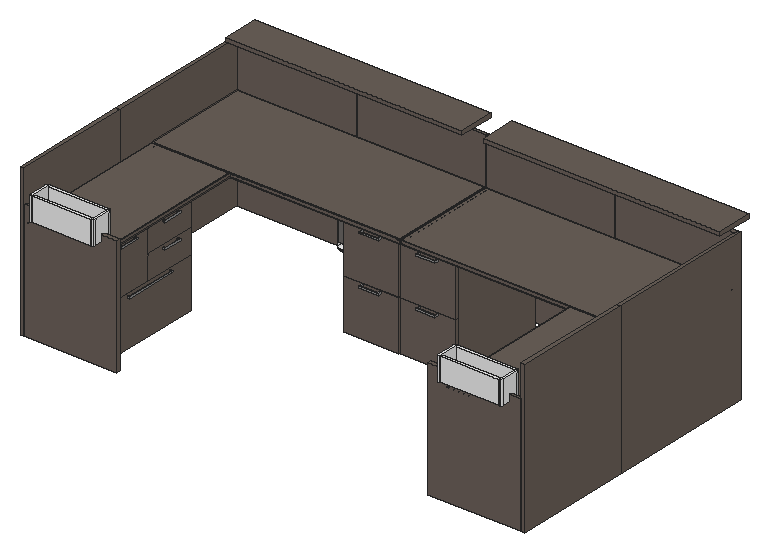
Revit family "OFS TYPICAL T200033", category Furniture, Revit 2022
Family settings
  OmniClass Number = 23.40.20.00
  OmniClass Title = General Furniture and Specialties
  Work Plane-Based = No
  Always vertical = Yes
  Cut with Voids When Loaded = No
  Render Appearance Source = Family Geometry
  Shared = No
  Room Calculation Point = No
Parameters (values of type "T200033")
  URL = "http://ofs.com/"
  Model = "T200033"
  Manufacturer = "OFS"
  Description = "OFS TYPICAL T200033"
  Default Elevation = 0' - 0"
  Copyright © = "©OFS 2024"
  Catalog = ""
  Authoring Version = "Autodesk Revit 2018"
  Assembly Code = "E2020200"
Reference planes (in)
  plane 1 "Center Front/Back": y = 0
  plane 2: z = 0
  plane 3 "Center Left/Right": x = 0
Dimensions and locks (in)
  aligned and locked: level to plane 2
Nested families (in)
  nested 1: "STAKS RECTANGULAR WORKSURFACES Short Grain" at (-71.33365, -82.05498, 0) x (0, 1, 0) z (0, 0, 1), type "STAKS RECTANGULAR WORKSURFACE 22 x 43.5"
    with Height Above Floor 2' - 5", Width 3' - 7 1/2"
  nested 2: "STAKS RECTANGULAR WORKSURFACES Long Grain" at (-77.05498, 0.83365, 0), type "STAKS RECTANGULAR WORKSURFACE 69.5 x 30"
    with Height Above Floor 2' - 5", Depth 2' - 6", Width 5' - 9 1/2"
  nested 3: "STAKS SPINE OR DIVIDER WALL 33in" at (-35.94502, -77.33365, 0) x (-1, 0, 0) z (0, 0, 1), type "STAKS SPINE OR DIVIDER WALL 33in X 26in"
    with Height Above Floor 2' - 9"
  nested 4: "STAKS SPINE OR DIVIDER WALL 42in" at (-77.05498, 1.83365, 0), type "STAKS SPINE OR DIVIDER WALL 42in X 33.5"
    with Height Above Floor 3' - 6", Width 2' - 9 1/2"
  nested 5: "STAKS SPINE OR DIVIDER WALL 42in" at (-43.55498, 1.83365, 0), type "STAKS SPINE OR DIVIDER WALL 42in X 36in"
    with Height Above Floor 3' - 6"
  nested 6: "STAKS SPINE OR DIVIDER WALL 42in" at (-72.33365, -49.55498, 0) x (0, 1, 0) z (0, 0, 1), type "STAKS SPINE OR DIVIDER WALL 42in X 42in"
    with Height Above Floor 3' - 6"
  nested 7: "OFS STAKS Planters - 6-PB12 6-PB18 6-PB24" at (-57, -74.98438, -9.125), type "Planter 18"
    with Finsih OFS Materials - Laminate - White Matte
  nested 8: "STAKS TRANSACTION SHELF" at (-19.5, 1.56215, -4.625), type "STAKS TRANSACTION SHELF 66in"
  nested 9: "STAKS WORKSURFACE HEIGHT MULTI FILE PEDESTAL - NO RISER SUPPORT" at (-46.99965, -80.47711, 0) x (0, 1, 0) z (0, 0, 1), type "STAKS WORKSURFACE HEIGHT MULTI FILE PEDESTAL 30 x 19 Left"
  nested 10: "STAKS WORKSURFACE HEIGHT PEDESTAL - FILE-FILE - NO RISER SUPPORT" at (-28.91461, -23.62535, 0), type "STAKS WORKSURFACE HEIGHT PEDESTAL - FILE-FILE - NO RISER SUPPORT 27in D"
  nested 11: "STAKS BENCHING CANTILEVER WORKSURFACE BRACKET - MINI CONCEALED" at (-8.75, -3.87535, 0), type "STAKS CANTILEVER WORKSURFACE BRACKET - MINI CONCEALED"
  nested 12: "STAKS RECTANGULAR WORKSURFACES Long Grain" at (77.05498, 0.83365, 0) x (-1, 0, 0) z (0, 0, 1), type "STAKS RECTANGULAR WORKSURFACE 69.5 x 30"
    with Height Above Floor 2' - 5", Depth 2' - 6", Width 5' - 9 1/2"
  nested 13: "STAKS SPINE OR DIVIDER WALL 42in" at (77.05498, 1.83365, 0) x (-1, 0, 0) z (0, 0, 1), type "STAKS SPINE OR DIVIDER WALL 42in X 33.5"
    with Height Above Floor 3' - 6", Width 2' - 9 1/2"
  nested 14: "STAKS SPINE OR DIVIDER WALL 42in" at (43.55498, 1.83365, 0) x (-1, 0, 0) z (0, 0, 1), type "STAKS SPINE OR DIVIDER WALL 42in X 36in"
    with Height Above Floor 3' - 6"
  nested 15: "STAKS RECTANGULAR WORKSURFACES Short Grain" at (71.33365, -82.05498, 0) x (0, 1, 0) z (0, 0, 1), type "STAKS RECTANGULAR WORKSURFACE 22 x 43.5"
    with Height Above Floor 2' - 5", Width 3' - 7 1/2"
  nested 16: "STAKS SPINE OR DIVIDER WALL 42in" at (-72.33365, -83.05498, 0) x (0, 1, 0) z (0, 0, 1), type "STAKS SPINE OR DIVIDER WALL 42in X 33.5"
    with Height Above Floor 3' - 6", Width 2' - 9 1/2"
  nested 17: "STAKS SPINE OR DIVIDER WALL 33in" at (35.94502, -77.33365, 0), type "STAKS SPINE OR DIVIDER WALL 33in X 26in"
    with Height Above Floor 2' - 9"
  nested 18: "STAKS SPINE OR DIVIDER WALL 42in" at (72.33365, -49.55498, 0) x (0, 1, 0) z (0, 0, 1), type "STAKS SPINE OR DIVIDER WALL 42in X 42in"
    with Height Above Floor 3' - 6"
  nested 19: "STAKS SPINE OR DIVIDER WALL 42in" at (72.33365, -83.05498, 0) x (0, 1, 0) z (0, 0, 1), type "STAKS SPINE OR DIVIDER WALL 42in X 33.5"
    with Height Above Floor 3' - 6", Width 2' - 9 1/2"
  nested 20: "STAKS WORKSURFACE HEIGHT MULTI FILE PEDESTAL - NO RISER SUPPORT" at (46.99965, -80.47711, 0) x (0, 1, 0) z (0, 0, 1), type "STAKS WORKSURFACE HEIGHT MULTI FILE PEDESTAL 30 x 19 Left"
  nested 21: "STAKS WORKSURFACE HEIGHT PEDESTAL - FILE-FILE - NO RISER SUPPORT" at (28.91461, -23.62535, 0) x (-1, 0, 0) z (0, 0, 1), type "STAKS WORKSURFACE HEIGHT PEDESTAL - FILE-FILE - NO RISER SUPPORT 27in D"
  nested 22: "OFS STAKS Planters - 6-PB12 6-PB18 6-PB24" at (57, -74.98438, -9.125) x (-1, 0, 0) z (0, 0, 1), type "Planter 18"
    with Finsih OFS Materials - Laminate - White Matte
  nested 23: "OFS ELEVEN WOOD WIRE MANAGER VERTICALS" at (-38.07141, -2.20061, 0), type "Wire Manager Vertical for Medium Duty"
  nested 24: "STAKS ELECTRICAL POWER BLOCK FOR RECEPTACLE DOUBLE HALF Four Circuit" at (-46.35574, -21.00035, 1.25), type "POWER BLOCK FOR RECEPTACLE DOUBLE HALF Four Circuit"
  nested 25: "STAKS BENCHING CANTILEVER WORKSURFACE BRACKET - OPEN" at (-66.62465, -20.75, 0) x (0, 1, 0) z (0, 0, 1), type "CANTILEVER WORKSURFACE BRACKET - OPEN 22in"
  nested 26: "STAKS BENCHING CANTILEVER WORKSURFACE BRACKET - OPEN" at (-41.75, -3.87535, 0), type "CANTILEVER WORKSURFACE BRACKET - OPEN 30in"
  nested 27: "STAKS BENCHING PRESS FIT BRACKET" at (-56.37465, 16, 15) x (0, 1, 0) z (0, 0, 1), type "STAKS BENCHING PRESS FIT BRACKET"
  nested 28: "STAKS BENCHING CANTILEVER WORKSURFACE BRACKET - OPEN" at (66.62465, -20.75, 0) x (0, 1, 0) z (0, 0, 1), type "CANTILEVER WORKSURFACE BRACKET - OPEN 22in"
  nested 29: "STAKS BENCHING CANTILEVER WORKSURFACE BRACKET - MINI CONCEALED" at (8.75, -3.87535, 0) x (-1, 0, 0) z (0, 0, 1), type "STAKS CANTILEVER WORKSURFACE BRACKET - MINI CONCEALED"
  nested 30: "OFS ELEVEN WOOD WIRE MANAGER VERTICALS" at (38.07141, -2.20061, 0) x (-1, 0, 0) z (0, 0, 1), type "Wire Manager Vertical for Medium Duty"
  nested 31: "STAKS BENCHING CANTILEVER WORKSURFACE BRACKET - OPEN" at (41.75, -3.87535, 0) x (-1, 0, 0) z (0, 0, 1), type "CANTILEVER WORKSURFACE BRACKET - OPEN 30in"
  nested 32: "STAKS BENCHING PRESS FIT BRACKET" at (-34.12465, 16, 15) x (0, 1, 0) z (0, 0, 1), type "STAKS BENCHING PRESS FIT BRACKET"
  nested 33: "STAKS BENCHING PRESS FIT BRACKET" at (-10.37465, 16, 15) x (0, 1, 0) z (0, 0, 1), type "STAKS BENCHING PRESS FIT BRACKET"
  nested 34: "STAKS TRANSACTION SHELF" at (19.5, 1.56215, -4.625) x (-1, 0, 0) z (0, 0, 1), type "STAKS TRANSACTION SHELF 66in"
  nested 35: "STAKS BENCHING PRESS FIT BRACKET" at (56.37465, 16, 15) x (0, 1, 0) z (0, 0, 1), type "STAKS BENCHING PRESS FIT BRACKET"
  nested 36: "STAKS BENCHING PRESS FIT BRACKET" at (34.12465, 16, 15) x (0, 1, 0) z (0, 0, 1), type "STAKS BENCHING PRESS FIT BRACKET"
  nested 37: "STAKS BENCHING PRESS FIT BRACKET" at (10.37465, 16, 15) x (0, 1, 0) z (0, 0, 1), type "STAKS BENCHING PRESS FIT BRACKET"
  nested 38: "STAKS ELECTRICAL POWER BLOCK FOR RECEPTACLE DOUBLE HALF Four Circuit" at (46.35574, -21.00035, 1.25) x (-1, 0, 0) z (0, 0, 1), type "POWER BLOCK FOR RECEPTACLE DOUBLE HALF Four Circuit"
Definition of nested family "STAKS RECTANGULAR WORKSURFACES Short Grain"
  Parameters (values of type "STAKS RECTANGULAR WORKSURFACE 22 x 15.625")
    URL = "http://www.ofs.com/"
    Height Above Floor [instance] = 2' - 5"
    Height = 0' - 1 1/8"
    Depth = 1' - 10"
    Model = "6-MCT-22/15.625"
    Manufacturer = "OFS"  # constant formula
    Description = "OFS STAKS 22 X 15.625 RECTANGULAR WORKSURFACE For Worksurface or Low Height Applications, Short Grain"
    Width = 1' - 3 5/8"
    Default Elevation = 0' - 0"
    Copyright © = "© 2018 OFS"  # constant formula
    Catalog = "https://ofs.com/products/casegoods/private-office/staks"  # constant formula
    Authoring Version = "Autodesk Revit Architecture 2013"
    Assembly Code = "E2020200"
  Types (24): name | Model | Description | Width
    STAKS RECTANGULAR WORKSURFACE 22 x 15.625 | "6-MCT-22/15.625" | "OFS STAKS 22 X 15.625 RECTANGULAR WORKSURFACE For Worksurface or Low Height Applications, Short Grain" | 1' - 3 5/8"
    STAKS RECTANGULAR WORKSURFACE 22 x 34 | "6-MCT-22/34" | "OFS STAKS 22 X 34 RECTANGULAR WORKSURFACE For Worksurface or Low Height Applications, Short Grain" | 2' - 10"
    STAKS RECTANGULAR WORKSURFACE 22 x 36 | "6-MCT-22/36" | "OFS STAKS 22 X 36 RECTANGULAR WORKSURFACE For Worksurface or Low Height Applications, Short Grain" | 3' - 0"
    STAKS RECTANGULAR WORKSURFACE 22 x 42 | "6-MCT-22/42" | "OFS STAKS 22 X 42 RECTANGULAR WORKSURFACE For Worksurface or Low Height Applications, Short Grain" | 3' - 6"
    STAKS RECTANGULAR WORKSURFACE 22 x 46 | "6-MCT-22/46" | "OFS STAKS 22 X 46 RECTANGULAR WORKSURFACE For Worksurface or Low Height Applications, Short Grain" | 3' - 10"
    STAKS RECTANGULAR WORKSURFACE 22 x 48 | "6-MCT-22/48" | "OFS STAKS 22 X 48 RECTANGULAR WORKSURFACE For Worksurface or Low Height Applications, Short Grain" | 4' - 0"
    STAKS RECTANGULAR WORKSURFACE 22 x 48.5 | "6-MCT-22/48.5" | "OFS STAKS 22 X 48.5 RECTANGULAR WORKSURFACE For Worksurface or Low Height Applications, Short Grain" | 4' - 0 1/2"
    STAKS RECTANGULAR WORKSURFACE 22 x 54 | "6-MCT-22/54" | "OFS STAKS 22 X 54 RECTANGULAR WORKSURFACE For Worksurface or Low Height Applications, Short Grain" | 4' - 6"
    STAKS RECTANGULAR WORKSURFACE 22 x 55.5 | "6-MCT-22/55.5" | "OFS STAKS 22 X 55.5 RECTANGULAR WORKSURFACE For Worksurface or Low Height Applications, Short Grain" | 4' - 7 1/2"
    STAKS RECTANGULAR WORKSURFACE 22 x 59 | "6-MCT-22/59" | "OFS STAKS 22 X 59 RECTANGULAR WORKSURFACE For Worksurface or Low Height Applications, Short Grain" | 4' - 11"
    STAKS RECTANGULAR WORKSURFACE 22 x 60 | "6-MCT-22/60" | "OFS STAKS 22 X 60 RECTANGULAR WORKSURFACE For Worksurface or Low Height Applications, Short Grain" | 5' - 0"
    STAKS RECTANGULAR WORKSURFACE 22 x 64 | "6-MCT-22/64" | "OFS STAKS 22 X 64 RECTANGULAR WORKSURFACE For Worksurface or Low Height Applications, Short Grain" | 5' - 4"
    STAKS RECTANGULAR WORKSURFACE 22 x 66 | "6-MCT-22/66" | "OFS STAKS 22 X 66 RECTANGULAR WORKSURFACE For Worksurface or Low Height Applications, Short Grain" | 5' - 6"
    STAKS RECTANGULAR WORKSURFACE 22 x 69.625 | "6-MCT-22/69.625" | "OFS STAKS 22 X 69.625 RECTANGULAR WORKSURFACE For Worksurface or Low Height Applications, Short Grain" | 5' - 9 5/8"
    STAKS RECTANGULAR WORKSURFACE 22 x 70.5 | "6-MCT-22/70.5" | "OFS STAKS 22 X 70.5 RECTANGULAR WORKSURFACE For Worksurface or Low Height Applications, Short Grain" | 5' - 10 1/2"
    STAKS RECTANGULAR WORKSURFACE 22 x 72 | "6-MCT-22/72" | "OFS STAKS 22 X 72 RECTANGULAR WORKSURFACE For Worksurface or Low Height Applications, Short Grain" | 6' - 0"
    STAKS RECTANGULAR WORKSURFACE 22 x 74 | "6-MCT-22/74" | "OFS STAKS 22 X 74 RECTANGULAR WORKSURFACE For Worksurface or Low Height Applications, Short Grain" | 6' - 2"
    STAKS RECTANGULAR WORKSURFACE 22 x 78 | "6-MCT-22/78" | "OFS STAKS 22 X 78 RECTANGULAR WORKSURFACE For Worksurface or Low Height Applications, Short Grain" | 6' - 6"
    STAKS RECTANGULAR WORKSURFACE 22 x 82.5 | "6-MCT-22/82.5" | "OFS STAKS 22 X 82.5 RECTANGULAR WORKSURFACE For Worksurface or Low Height Applications, Short Grain" | 6' - 10 1/2"
    STAKS RECTANGULAR WORKSURFACE 22 x 84 | "6-MCT-22/84" | "OFS STAKS 22 X 84 RECTANGULAR WORKSURFACE For Worksurface or Low Height Applications, Short Grain" | 7' - 0"
    STAKS RECTANGULAR WORKSURFACE 22 x 87.625 | "6-MCT-22/87.625" | "OFS STAKS 22 X 87.625 RECTANGULAR WORKSURFACE For Worksurface or Low Height Applications, Short Grain" | 7' - 3 5/8"
    STAKS RECTANGULAR WORKSURFACE 22 x 90 | "6-MCT-22/90" | "OFS STAKS 22 X 90 RECTANGULAR WORKSURFACE For Worksurface or Low Height Applications, Short Grain" | 7' - 6"
    STAKS RECTANGULAR WORKSURFACE 22 x 94 | "6-MCT-22/94" | "OFS STAKS 22 X 94 RECTANGULAR WORKSURFACE For Worksurface or Low Height Applications, Short Grain" | 7' - 10"
    STAKS RECTANGULAR WORKSURFACE 22 x 96 | "6-MCT-22/96" | "OFS STAKS 22 X 96 RECTANGULAR WORKSURFACE For Worksurface or Low Height Applications, Short Grain" | 8' - 0"
  Reference planes (in)
    plane 1: z = -0.125
    plane 2 "LEFT": x = 7.55498
    plane 3 "RIGHT": x = 23.17998
    plane 4 "BACK": y = -1.83365
    plane 5 "FRONT": y = -23.83365
    plane 6: x = 7.67998
    plane 7: x = 23.05498
    plane 8: y = -1.95865
    plane 9: y = -23.70865
    plane 10: z = 27.75
    plane 11 "SURFACE TOP": z = 28.875
  Forms (in)
    Extrusion 1, solid
      sketch origin (0, 0, 17.125) x (-1, 0, 0) y (0, -1, 0)
        loop
          line (-7.67998, 1.95865) -> (-7.67998, 23.70865) -> (-23.05498, 23.70865) -> (-23.05498, 1.95865) -> (-7.67998, 1.95865)
      from 11.75 to 10.625
    Sweep 2, solid
      path origin (0, 0, 28.875) x (0, 1, 0) y (-1, 0, 0)
        loop
          line (-23.83365, -7.55498) -> (-23.83365, -23.17998) -> (-1.83365, -23.17998) -> (-1.83365, -7.55498) -> (-23.83365, -7.55498)
      profile origin (15.36748, -23.83365, 28.875) x (0, 1, 0) y (0, 0, 1)
        loop
          arc (0.125, 0) -> (0.03661, -0.03661) -> (0, -0.125) r 0.125
          line (0, -0.125) -> (0, -1)
          arc (0, -1) -> (0.03661, -1.08839) -> (0.125, -1.125) r 0.125
          line (0.125, -1.125) -> (0.125, 0)
  Lines and regions (in)
    Masking region 1
      outline origin (0, 0, 16.625) x (-1, 0, 0) y (0, -1, 0)
        loop
          line (-7.67998, 1.95865) -> (-7.55498, 1.83365) -> (-7.55498, 23.83365) -> (-7.67998, 23.70865) -> (-7.67998, 1.95865)
    Masking region 2
      outline origin (0, 0, 16.625) x (-1, 0, 0) y (0, -1, 0)
        loop
          line (-7.55498, 1.83365) -> (-7.67998, 1.95865) -> (-23.05498, 1.95865) -> (-23.17998, 1.83365) -> (-7.55498, 1.83365)
    Masking region 3
      outline origin (0, 0, 16.625) x (-1, 0, 0) y (0, -1, 0)
        loop
          line (-23.17998, 1.83365) -> (-23.05498, 1.95865) -> (-23.05498, 23.70865) -> (-23.17998, 23.83365) -> (-23.17998, 1.83365)
    Masking region 4
      outline origin (0, 0, 16.625) x (-1, 0, 0) y (0, -1, 0)
        loop
          line (-23.17998, 23.83365) -> (-23.05498, 23.70865) -> (-7.67998, 23.70865) -> (-7.55498, 23.83365) -> (-23.17998, 23.83365)
    Masking region 5
      outline origin (0, 0, 16.625) x (-1, 0, 0) y (0, -1, 0)
        loop
          line (-23.05498, 23.70865) -> (-23.05498, 1.95865) -> (-7.67998, 1.95865) -> (-7.67998, 23.70865) -> (-23.05498, 23.70865)
  Dimensions and locks (in)
    "Depth": plane 4 "BACK" to plane 5 "FRONT"
    "Width": plane 2 "LEFT" to plane 3 "RIGHT"
    "Height": plane 11 "SURFACE TOP" to plane 10
    locked: plane 4 "BACK" to plane 8 at 0.125
    locked: plane 2 "LEFT" to plane 6 at 0.125
    locked: plane 7 to plane 3 "RIGHT" at 0.125
    locked: plane 9 to plane 5 "FRONT" at 0.125
    "Height Above Floor": plane 11 "SURFACE TOP" to level
    aligned: level to plane 1
    aligned and locked: plane 8 to Extrusion 1 sketch curve
    aligned and locked: Extrusion 1 sketch curve to plane 6
    aligned and locked: Extrusion 1 sketch curve to plane 9
    aligned and locked: plane 7 to Extrusion 1 sketch curve
    aligned and locked: plane 11 "SURFACE TOP" to Extrusion 1
    aligned and locked: Extrusion 1 to plane 10
    aligned and locked: Sweep 2 sketch curve to plane 5 "FRONT"
    aligned and locked: Sweep 2 sketch curve to plane 2 "LEFT"
    aligned and locked: plane 4 "BACK" to Sweep 2 sketch curve
    aligned and locked: plane 3 "RIGHT" to Sweep 2 sketch curve
  Automatic sketch dimensions
    Masking region 1 sketch curve to plane 6 = 0' - 0"
    Masking region 1 sketch curve to plane 2 "LEFT" = 0' - 0"
    Masking region 1 sketch curve to plane 4 "BACK" = 0' - 0"
    Masking region 1 sketch curve to plane 8 = 0' - 0"
    Masking region 1 sketch curve to plane 9 = 0' - 0"
    Masking region 1 sketch curve to plane 5 "FRONT" = 0' - 0"
    Masking region 2 sketch curve to plane 3 "RIGHT" = 0' - 0"
    Masking region 2 sketch curve to plane 7 = 0' - 0"
    Masking region 2 sketch curve to plane 6 = 0' - 0"
    Masking region 2 sketch curve to plane 2 "LEFT" = 0' - 0"
    Masking region 2 sketch curve to plane 4 "BACK" = 0' - 0"
    Masking region 2 sketch curve to plane 8 = 0' - 0"
    Masking region 3 sketch curve to plane 3 "RIGHT" = 0' - 0"
    Masking region 3 sketch curve to plane 7 = 0' - 0"
    Masking region 3 sketch curve to plane 4 "BACK" = 0' - 0"
    Masking region 3 sketch curve to plane 8 = 0' - 0"
    Masking region 3 sketch curve to plane 9 = 0' - 0"
    Masking region 3 sketch curve to plane 5 "FRONT" = 0' - 0"
    Masking region 4 sketch curve to plane 3 "RIGHT" = 0' - 0"
    Masking region 4 sketch curve to plane 7 = 0' - 0"
    Masking region 4 sketch curve to plane 6 = 0' - 0"
    Masking region 4 sketch curve to plane 2 "LEFT" = 0' - 0"
    Masking region 4 sketch curve to plane 9 = 0' - 0"
    Masking region 4 sketch curve to plane 5 "FRONT" = 0' - 0"
    Masking region 5 sketch curve to plane 7 = 0' - 0"
    Masking region 5 sketch curve to plane 6 = 0' - 0"
    Masking region 5 sketch curve to plane 8 = 0' - 0"
    Masking region 5 sketch curve to plane 9 = 0' - 0"
    Sweep 2 sketch curve to profile plane = 0' - 0"
    Sweep 2 sketch curve to plane 11 "SURFACE TOP" = 0' - 0"
    Sweep 2 sketch curve to profile plane = 0' - 0 1/8"
    Sweep 2 sketch curve to Sweep 2 sketch curve = 0' - 0 7/8"
Definition of nested family "STAKS RECTANGULAR WORKSURFACES Long Grain"
  Parameters (values of type "STAKS RECTANGULAR WORKSURFACE 15.625 x 22")
    URL = "http://www.ofs.com/"
    Height Above Floor [instance] = 2' - 5"
    Height = 0' - 1 1/8"
    Depth = 1' - 10"
    Model = "6-MCT-15.625/22"
    Manufacturer = "OFS"
    Description = "OFS STAKS 15.625 X 22 RECTANGULAR WORKSURFACE For Worksurface or Low Height Applications, Long Grain"
    Width = 1' - 3 5/8"
    Default Elevation = 0' - 0"
    Copyright © = "© 2018 OFS"
    Catalog = "https://ofs.com/products/casegoods/private-office/staks"
    Authoring Version = "Autodesk Revit Architecture 2013"
    Assembly Code = "E2020200"
  Types (26): name | Model | Description | Width
    STAKS RECTANGULAR WORKSURFACE 15.625 x 22 | "6-MCT-15.625/22" | "OFS STAKS 15.625 X 22 RECTANGULAR WORKSURFACE For Worksurface or Low Height Applications, Long Grain" | 1' - 3 5/8"
    STAKS RECTANGULAR WORKSURFACE 24 x 22 | "6-MCT-24/22" | "OFS STAKS 24 X 22 RECTANGULAR WORKSURFACE For Worksurface or Low Height Applications, Long Grain" | 2' - 0"
    STAKS RECTANGULAR WORKSURFACE 30 x 22 | "6-MCT-30/22" | "OFS STAKS 30 X 22 RECTANGULAR WORKSURFACE For Worksurface or Low Height Applications, Long Grain" | 2' - 6"
    STAKS RECTANGULAR WORKSURFACE 34 x 22 | "6-MCT-34/22" | "OFS STAKS 34 X 22 RECTANGULAR WORKSURFACE For Worksurface or Low Height Applications, Long Grain" | 2' - 10"
    STAKS RECTANGULAR WORKSURFACE 36 x 22 | "6-MCT-36/22" | "OFS STAKS 36 X 22 RECTANGULAR WORKSURFACE For Worksurface or Low Height Applications, Long Grain" | 3' - 0"
    STAKS RECTANGULAR WORKSURFACE 42 x 22 | "6-MCT-42/22" | "OFS STAKS 42 X 22 RECTANGULAR WORKSURFACE For Worksurface or Low Height Applications, Long Grain" | 3' - 6"
    STAKS RECTANGULAR WORKSURFACE 46 x 22 | "6-MCT-46/22" | "OFS STAKS 46 X 22 RECTANGULAR WORKSURFACE For Worksurface or Low Height Applications, Long Grain" | 3' - 10"
    STAKS RECTANGULAR WORKSURFACE 48 x 22 | "6-MCT-48/22" | "OFS STAKS 48 X 22 RECTANGULAR WORKSURFACE For Worksurface or Low Height Applications, Long Grain" | 4' - 0"
    STAKS RECTANGULAR WORKSURFACE 48.5 x 22 | "6-MCT-48.5/22" | "OFS STAKS 48.5 X 22 RECTANGULAR WORKSURFACE For Worksurface or Low Height Applications, Long Grain" | 4' - 0 1/2"
    STAKS RECTANGULAR WORKSURFACE 54 x 22 | "6-MCT-54/22" | "OFS STAKS 54 X 22 RECTANGULAR WORKSURFACE For Worksurface or Low Height Applications, Long Grain" | 4' - 6"
    STAKS RECTANGULAR WORKSURFACE 55.5 x 22 | "6-MCT-55.5/22" | "OFS STAKS 55.5 X 22 RECTANGULAR WORKSURFACE For Worksurface or Low Height Applications, Long Grain" | 4' - 7 1/2"
    STAKS RECTANGULAR WORKSURFACE 59 x 22 | "6-MCT-59/22" | "OFS STAKS 59 X 22 RECTANGULAR WORKSURFACE For Worksurface or Low Height Applications, Long Grain" | 4' - 11"
    STAKS RECTANGULAR WORKSURFACE 60 x 22 | "6-MCT-60/22" | "OFS STAKS 60 X 22 RECTANGULAR WORKSURFACE For Worksurface or Low Height Applications, Long Grain" | 5' - 0"
    STAKS RECTANGULAR WORKSURFACE 64 x 22 | "6-MCT-64/22" | "OFS STAKS 64 X 22 RECTANGULAR WORKSURFACE For Worksurface or Low Height Applications, Long Grain" | 5' - 4"
    STAKS RECTANGULAR WORKSURFACE 66 x 22 | "6-MCT-66/22" | "OFS STAKS 66 X 22 RECTANGULAR WORKSURFACE For Worksurface or Low Height Applications, Long Grain" | 5' - 6"
    STAKS RECTANGULAR WORKSURFACE 69.625 x 22 | "6-MCT-69.625/22" | "OFS STAKS 69.625 X 22 RECTANGULAR WORKSURFACE For Worksurface or Low Height Applications, Long Grain" | 5' - 9 5/8"
    STAKS RECTANGULAR WORKSURFACE 70.5 x 22 | "6-MCT-70.5/22" | "OFS STAKS 70.5 X 22 RECTANGULAR WORKSURFACE For Worksurface or Low Height Applications, Long Grain" | 5' - 10 1/2"
    STAKS RECTANGULAR WORKSURFACE 72 x 22 | "6-MCT-72/22" | "OFS STAKS 72 X 22 RECTANGULAR WORKSURFACE For Worksurface or Low Height Applications, Long Grain" | 6' - 0"
    STAKS RECTANGULAR WORKSURFACE 74 x 22 | "6-MCT-74/22" | "OFS STAKS 74 X 22 RECTANGULAR WORKSURFACE For Worksurface or Low Height Applications, Long Grain" | 6' - 2"
    STAKS RECTANGULAR WORKSURFACE 78 x 22 | "6-MCT-78/22" | "OFS STAKS 78 X 22 RECTANGULAR WORKSURFACE For Worksurface or Low Height Applications, Long Grain" | 6' - 6"
    STAKS RECTANGULAR WORKSURFACE 82.5 x 22 | "6-MCT-82.5/22" | "OFS STAKS 82.5 X 22 RECTANGULAR WORKSURFACE For Worksurface or Low Height Applications, Long Grain" | 6' - 10 1/2"
    STAKS RECTANGULAR WORKSURFACE 84 x 22 | "6-MCT-84/22" | "OFS STAKS 84 X 22 RECTANGULAR WORKSURFACE For Worksurface or Low Height Applications, Long Grain" | 7' - 0"
    STAKS RECTANGULAR WORKSURFACE 87.625 x 22 | "6-MCT-87.625/22" | "OFS STAKS 87.625 X 22 RECTANGULAR WORKSURFACE For Worksurface or Low Height Applications, Long Grain" | 7' - 3 5/8"
    STAKS RECTANGULAR WORKSURFACE 90 x 22 | "6-MCT-90/22" | "OFS STAKS 90 X 22 RECTANGULAR WORKSURFACE For Worksurface or Low Height Applications, Long Grain" | 7' - 6"
    STAKS RECTANGULAR WORKSURFACE 94 x 22 | "6-MCT-94/22" | "OFS STAKS 94 X 22 RECTANGULAR WORKSURFACE For Worksurface or Low Height Applications, Long Grain" | 7' - 10"
    STAKS RECTANGULAR WORKSURFACE 96 x 22 | "6-MCT-96/22" | "OFS STAKS 96 X 22 RECTANGULAR WORKSURFACE For Worksurface or Low Height Applications, Long Grain" | 8' - 0"
  Reference planes (in)
    plane 1: z = -0.125
    plane 2 "LEFT": x = 7.55498
    plane 3 "RIGHT": x = 23.17998
    plane 4 "BACK": y = -1.83365
    plane 5 "FRONT": y = -23.83365
    plane 6: x = 7.67998
    plane 7: x = 23.05498
    plane 8: y = -1.95865
    plane 9: y = -23.70865
    plane 10: z = 27.75
    plane 11 "SURFACE TOP": z = 28.875
  Forms (in)
    Extrusion 1, solid
      sketch origin (0, 0, 17.125) x (-1, 0, 0) y (0, -1, 0)
        loop
          line (-7.67998, 1.95865) -> (-7.67998, 23.70865) -> (-23.05498, 23.70865) -> (-23.05498, 1.95865) -> (-7.67998, 1.95865)
      from 11.75 to 10.625
    Sweep 2, solid
      path origin (0, 0, 28.875) x (0, 1, 0) y (-1, 0, 0)
        loop
          line (-23.83365, -7.55498) -> (-23.83365, -23.17998) -> (-1.83365, -23.17998) -> (-1.83365, -7.55498) -> (-23.83365, -7.55498)
      profile origin (15.36748, -23.83365, 28.875) x (0, 1, 0) y (0, 0, 1)
        loop
          arc (0.125, 0) -> (0.03661, -0.03661) -> (0, -0.125) r 0.125
          line (0, -0.125) -> (0, -1)
          arc (0, -1) -> (0.03661, -1.08839) -> (0.125, -1.125) r 0.125
          line (0.125, -1.125) -> (0.125, 0)
  Lines and regions (in)
    Masking region 1
      outline origin (0, 0, 16.625) x (-1, 0, 0) y (0, -1, 0)
        loop
          line (-7.67998, 1.95865) -> (-7.55498, 1.83365) -> (-7.55498, 23.83365) -> (-7.67998, 23.70865) -> (-7.67998, 1.95865)
    Masking region 2
      outline origin (0, 0, 16.625) x (-1, 0, 0) y (0, -1, 0)
        loop
          line (-7.55498, 1.83365) -> (-7.67998, 1.95865) -> (-23.05498, 1.95865) -> (-23.17998, 1.83365) -> (-7.55498, 1.83365)
    Masking region 3
      outline origin (0, 0, 16.625) x (-1, 0, 0) y (0, -1, 0)
        loop
          line (-23.17998, 1.83365) -> (-23.05498, 1.95865) -> (-23.05498, 23.70865) -> (-23.17998, 23.83365) -> (-23.17998, 1.83365)
    Masking region 4
      outline origin (0, 0, 16.625) x (-1, 0, 0) y (0, -1, 0)
        loop
          line (-23.17998, 23.83365) -> (-23.05498, 23.70865) -> (-7.67998, 23.70865) -> (-7.55498, 23.83365) -> (-23.17998, 23.83365)
    Masking region 5
      outline origin (0, 0, 16.625) x (-1, 0, 0) y (0, -1, 0)
        loop
          line (-23.05498, 23.70865) -> (-23.05498, 1.95865) -> (-7.67998, 1.95865) -> (-7.67998, 23.70865) -> (-23.05498, 23.70865)
  Dimensions and locks (in)
    "Depth": plane 4 "BACK" to plane 5 "FRONT"
    "Width": plane 2 "LEFT" to plane 3 "RIGHT"
    "Height": plane 11 "SURFACE TOP" to plane 10
    locked: plane 4 "BACK" to plane 8 at 0.125
    locked: plane 2 "LEFT" to plane 6 at 0.125
    locked: plane 7 to plane 3 "RIGHT" at 0.125
    locked: plane 9 to plane 5 "FRONT" at 0.125
    "Height Above Floor": plane 11 "SURFACE TOP" to level
    aligned: level to plane 1
    aligned and locked: plane 8 to Extrusion 1 sketch curve
    aligned and locked: Extrusion 1 sketch curve to plane 6
    aligned and locked: Extrusion 1 sketch curve to plane 9
    aligned and locked: plane 7 to Extrusion 1 sketch curve
    aligned and locked: plane 11 "SURFACE TOP" to Extrusion 1
    aligned and locked: Extrusion 1 to plane 10
    aligned and locked: Sweep 2 sketch curve to plane 5 "FRONT"
    aligned and locked: Sweep 2 sketch curve to plane 2 "LEFT"
    aligned and locked: plane 4 "BACK" to Sweep 2 sketch curve
    aligned and locked: plane 3 "RIGHT" to Sweep 2 sketch curve
  Automatic sketch dimensions
    Masking region 1 sketch curve to plane 6 = 0' - 0"
    Masking region 1 sketch curve to plane 2 "LEFT" = 0' - 0"
    Masking region 1 sketch curve to plane 4 "BACK" = 0' - 0"
    Masking region 1 sketch curve to plane 8 = 0' - 0"
    Masking region 1 sketch curve to plane 9 = 0' - 0"
    Masking region 1 sketch curve to plane 5 "FRONT" = 0' - 0"
    Masking region 2 sketch curve to plane 3 "RIGHT" = 0' - 0"
    Masking region 2 sketch curve to plane 7 = 0' - 0"
    Masking region 2 sketch curve to plane 6 = 0' - 0"
    Masking region 2 sketch curve to plane 2 "LEFT" = 0' - 0"
    Masking region 2 sketch curve to plane 4 "BACK" = 0' - 0"
    Masking region 2 sketch curve to plane 8 = 0' - 0"
    Masking region 3 sketch curve to plane 3 "RIGHT" = 0' - 0"
    Masking region 3 sketch curve to plane 7 = 0' - 0"
    Masking region 3 sketch curve to plane 4 "BACK" = 0' - 0"
    Masking region 3 sketch curve to plane 8 = 0' - 0"
    Masking region 3 sketch curve to plane 9 = 0' - 0"
    Masking region 3 sketch curve to plane 5 "FRONT" = 0' - 0"
    Masking region 4 sketch curve to plane 3 "RIGHT" = 0' - 0"
    Masking region 4 sketch curve to plane 7 = 0' - 0"
    Masking region 4 sketch curve to plane 6 = 0' - 0"
    Masking region 4 sketch curve to plane 2 "LEFT" = 0' - 0"
    Masking region 4 sketch curve to plane 9 = 0' - 0"
    Masking region 4 sketch curve to plane 5 "FRONT" = 0' - 0"
    Masking region 5 sketch curve to plane 7 = 0' - 0"
    Masking region 5 sketch curve to plane 6 = 0' - 0"
    Masking region 5 sketch curve to plane 8 = 0' - 0"
    Masking region 5 sketch curve to plane 9 = 0' - 0"
    Sweep 2 sketch curve to profile plane = 0' - 0"
    Sweep 2 sketch curve to plane 11 "SURFACE TOP" = 0' - 0"
    Sweep 2 sketch curve to profile plane = 0' - 0 1/8"
    Sweep 2 sketch curve to Sweep 2 sketch curve = 0' - 0 7/8"
Definition of nested family "STAKS SPINE OR DIVIDER WALL 33in"
  Parameters (values of type "STAKS SPINE OR DIVIDER WALL 33in X 24in")
    URL = "http://www.ofs.com/"
    Height Above Floor [instance] = 2' - 9"
    Height = 2' - 9"
    Depth = 0' - 1"
    Model = "6-PAN-33/24"
    Manufacturer = "OFS"
    Description = "OFS STAKS SPINE OR DIVIDER WALL 33\" Height x 24\" Width, Levelers allow 2.5\" Height Adjustability for Uneven\r\nFloor"
    Width = 2' - 0"
    Default Elevation = 0' - 0"
    Copyright © = "© 2018 OFS"
    Catalog = "https://ofs.com/products/casegoods/private-office/staks"
    Authoring Version = "Autodesk Revit Architecture 2013"
    Assembly Code = "E2020200"
  Types (19): name | Model | Description | Width
    STAKS SPINE OR DIVIDER WALL 33in X 24in | "6-PAN-33/24" | "OFS STAKS SPINE OR DIVIDER WALL 33\" Height x 24\" Width, Levelers allow 2.5\" Height Adjustability for Uneven\r\nFloor" | 2' - 0"
    STAKS SPINE OR DIVIDER WALL 33in X 33in | "6-PAN-33/33" | "OFS STAKS SPINE OR DIVIDER WALL 33\" Height x 33\" Width, Levelers allow 2.5\" Height Adjustability for Uneven\r\nFloor" | 2' - 9"
    STAKS SPINE OR DIVIDER WALL 33in X 26in | "6-PAN-33/26" | "OFS STAKS SPINE OR DIVIDER WALL 33\" Height x 26\" Width, Levelers allow 2.5\" Height Adjustability for Uneven\r\nFloor" | 2' - 2"
    STAKS SPINE OR DIVIDER WALL 33in X 30in | "6-PAN-33/30" | "OFS STAKS SPINE OR DIVIDER WALL 33\" Height x 30\" Width, Levelers allow 2.5\" Height Adjustability for Uneven\r\nFloor" | 2' - 6"
    STAKS SPINE OR DIVIDER WALL 33in X 36in | "6-PAN-33/36" | "OFS STAKS SPINE OR DIVIDER WALL 33\" Height x 36\" Width, Levelers allow 2.5\" Height Adjustability for Uneven\r\nFloor" | 3' - 0"
    STAKS SPINE OR DIVIDER WALL 33in X 37in | "6-PAN-33/37" | "OFS STAKS SPINE OR DIVIDER WALL 33\" Height x 37\" Width, Levelers allow 2.5\" Height Adjustability for Uneven\r\nFloor" | 3' - 1"
    STAKS SPINE OR DIVIDER WALL 33in X 39in | "6-PAN-33/39" | "OFS STAKS SPINE OR DIVIDER WALL 33\" Height x 39\" Width, Levelers allow 2.5\" Height Adjustability for Uneven\r\nFloor" | 3' - 3"
    STAKS SPINE OR DIVIDER WALL 33in X 40in | "6-PAN-33/40" | "OFS STAKS SPINE OR DIVIDER WALL 33\" Height x 40\" Width, Levelers allow 2.5\" Height Adjustability for Uneven\r\nFloor" | 3' - 4"
    STAKS SPINE OR DIVIDER WALL 33in X 42in | "6-PAN-33/42" | "OFS STAKS SPINE OR DIVIDER WALL 33\" Height x 42\" Width, Levelers allow 2.5\" Height Adjustability for Uneven\r\nFloor" | 3' - 6"
    STAKS SPINE OR DIVIDER WALL 33in X 44in | "6-PAN-33/44" | "OFS STAKS SPINE OR DIVIDER WALL 33\" Height x 44\" Width, Levelers allow 2.5\" Height Adjustability for Uneven\r\nFloor" | 3' - 8"
    STAKS SPINE OR DIVIDER WALL 33in X 45in | "6-PAN-33/45" | "OFS STAKS SPINE OR DIVIDER WALL 33\" Height x 45\" Width, Levelers allow 2.5\" Height Adjustability for Uneven\r\nFloor" | 3' - 9"
    STAKS SPINE OR DIVIDER WALL 33in X 47in | "6-PAN-33/47" | "OFS STAKS SPINE OR DIVIDER WALL 33\" Height x 47\" Width, Levelers allow 2.5\" Height Adjustability for Uneven\r\nFloor" | 3' - 11"
    STAKS SPINE OR DIVIDER WALL 33in X 48in | "6-PAN-33/48" | "OFS STAKS SPINE OR DIVIDER WALL 33\" Height x 48\" Width, Levelers allow 2.5\" Height Adjustability for Uneven\r\nFloor" | 4' - 0"
    STAKS SPINE OR DIVIDER WALL 33in X 49in | "6-PAN-33/49" | "OFS STAKS SPINE OR DIVIDER WALL 33\" Height x 49\" Width, Levelers allow 2.5\" Height Adjustability for Uneven\r\nFloor" | 4' - 1"
    STAKS SPINE OR DIVIDER WALL 33in X 52in | "6-PAN-33/52" | "OFS STAKS SPINE OR DIVIDER WALL 33\" Height x 52\" Width, Levelers allow 2.5\" Height Adjustability for Uneven\r\nFloor" | 4' - 4"
    STAKS SPINE OR DIVIDER WALL 33in X 54in | "6-PAN-33/54" | "OFS STAKS SPINE OR DIVIDER WALL 33\" Height x 54\" Width, Levelers allow 2.5\" Height Adjustability for Uneven\r\nFloor" | 4' - 6"
    STAKS SPINE OR DIVIDER WALL 33in X 56in | "6-PAN-33/56" | "OFS STAKS SPINE OR DIVIDER WALL 33\" Height x 56\" Width, Levelers allow 2.5\" Height Adjustability for Uneven\r\nFloor" | 4' - 8"
    STAKS SPINE OR DIVIDER WALL 33in X 58in | "6-PAN-33/58" | "OFS STAKS SPINE OR DIVIDER WALL 33\" Height x 58\" Width, Levelers allow 2.5\" Height Adjustability for Uneven\r\nFloor" | 4' - 10"
    STAKS SPINE OR DIVIDER WALL 33in X 59in | "6-PAN-33/59" | "OFS STAKS SPINE OR DIVIDER WALL 33\" Height x 59\" Width, Levelers allow 2.5\" Height Adjustability for Uneven\r\nFloor" | 4' - 11"
  Reference planes (in)
    plane 1: z = -0.125
    plane 2 "LEFT": x = 7.55498
    plane 3 "RIGHT": x = 31.55498
    plane 4 "BACK": y = -1.83365
    plane 5 "FRONT": y = -2.83365
    plane 6: x = 7.67998
    plane 7: x = 31.42998
    plane 8: y = -1.95865
    plane 9: y = -2.70865
    plane 10: z = -0.125
    plane 11 "SURFACE TOP": z = 32.875
  Forms (in)
    Extrusion 1, solid
      sketch origin (0, 0, 17.125) x (-1, 0, 0) y (0, -1, 0)
        loop
          line (-7.55498, 1.83365) -> (-7.55498, 2.83365) -> (-31.55498, 2.83365) -> (-31.55498, 1.83365) -> (-7.55498, 1.83365)
      from 15.75 to -17.25
  Lines and regions (in)
    symbolic lines
      curve 1: line (7.55498, -1.83365, 32.875) -> (31.55498, -1.83365, 32.875)
      curve 2: line (7.55498, -2.83365, 32.875) -> (7.55498, -1.83365, 32.875)
      curve 3: line (31.55498, -2.83365, 32.875) -> (7.55498, -2.83365, 32.875)
      curve 4: line (31.55498, -1.83365, 32.875) -> (31.55498, -2.83365, 32.875)
  Dimensions and locks (in)
    "Depth": plane 4 "BACK" to plane 5 "FRONT"
    "Width": plane 2 "LEFT" to plane 3 "RIGHT"
    "Height": plane 11 "SURFACE TOP" to plane 10
    locked: plane 4 "BACK" to plane 8 at 0.125
    locked: plane 2 "LEFT" to plane 6 at 0.125
    locked: plane 7 to plane 3 "RIGHT" at 0.125
    locked: plane 9 to plane 5 "FRONT" at 0.125
    "Height Above Floor": plane 11 "SURFACE TOP" to level
    aligned: level to plane 1
    aligned and locked: plane 11 "SURFACE TOP" to Extrusion 1
    aligned and locked: Extrusion 1 to plane 10
    aligned and locked: plane 4 "BACK" to Extrusion 1 sketch curve
    aligned and locked: Extrusion 1 sketch curve to plane 2 "LEFT"
    aligned and locked: Extrusion 1 sketch curve to plane 5 "FRONT"
    aligned and locked: plane 3 "RIGHT" to Extrusion 1 sketch curve
    aligned and locked: curve 1 to Extrusion 1
    aligned and locked: curve 2 to Extrusion 1
    aligned and locked: curve 3 to Extrusion 1
    aligned and locked: curve 4 to Extrusion 1
Definition of nested family "STAKS SPINE OR DIVIDER WALL 42in"
  Parameters (values of type "STAKS SPINE OR DIVIDER WALL 42in X 24in")
    URL = "http://www.ofs.com/"
    Height Above Floor [instance] = 3' - 6"
    Height = 3' - 6"
    Depth = 0' - 1"
    Model = "6-PAN-42/24"
    Manufacturer = "OFS"
    Description = "OFS STAKS SPINE OR DIVIDER WALL 42\" Height x 24\" Width, Levelers allow 2.5\" Height Adjustability for Uneven Floor"
    Width = 2' - 0"
    Default Elevation = 0' - 0"
    Copyright © = "© 2018 OFS"
    Catalog = "https://ofs.com/products/casegoods/private-office/staks"
    Authoring Version = "Autodesk Revit Architecture 2013"
    Assembly Code = "E2020200"
  Types (19): name | Model | Description | Width
    STAKS SPINE OR DIVIDER WALL 42in X 24in | "6-PAN-42/24" | "OFS STAKS SPINE OR DIVIDER WALL 42\" Height x 24\" Width, Levelers allow 2.5\" Height Adjustability for Uneven Floor" | 2' - 0"
    STAKS SPINE OR DIVIDER WALL 42in X 33in | "6-PAN-42/33" | "OFS STAKS SPINE OR DIVIDER WALL 42\" Height x 33\" Width, Levelers allow 2.5\" Height Adjustability for Uneven Floor" | 2' - 9"
    STAKS SPINE OR DIVIDER WALL 42in X 26in | "6-PAN-42/26" | "OFS STAKS SPINE OR DIVIDER WALL 42\" Height x 26\" Width, Levelers allow 2.5\" Height Adjustability for Uneven Floor" | 2' - 2"
    STAKS SPINE OR DIVIDER WALL 42in X 30in | "6-PAN-42/30" | "OFS STAKS SPINE OR DIVIDER WALL 42\" Height x 30\" Width, Levelers allow 2.5\" Height Adjustability for Uneven Floor" | 2' - 6"
    STAKS SPINE OR DIVIDER WALL 42in X 36in | "6-PAN-42/36" | "OFS STAKS SPINE OR DIVIDER WALL 42\" Height x 36\" Width, Levelers allow 2.5\" Height Adjustability for Uneven Floor" | 3' - 0"
    STAKS SPINE OR DIVIDER WALL 42in X 37in | "6-PAN-42/37" | "OFS STAKS SPINE OR DIVIDER WALL 42\" Height x 37\" Width, Levelers allow 2.5\" Height Adjustability for Uneven Floor" | 3' - 1"
    STAKS SPINE OR DIVIDER WALL 42in X 39in | "6-PAN-42/39" | "OFS STAKS SPINE OR DIVIDER WALL 42\" Height x 39\" Width, Levelers allow 2.5\" Height Adjustability for Uneven Floor" | 3' - 3"
    STAKS SPINE OR DIVIDER WALL 42in X 40in | "6-PAN-42/40" | "OFS STAKS SPINE OR DIVIDER WALL 42\" Height x 40\" Width, Levelers allow 2.5\" Height Adjustability for Uneven Floor" | 3' - 4"
    STAKS SPINE OR DIVIDER WALL 42in X 42in | "6-PAN-42/42" | "OFS STAKS SPINE OR DIVIDER WALL 42\" Height x 42\" Width, Levelers allow 2.5\" Height Adjustability for Uneven Floor" | 3' - 6"
    STAKS SPINE OR DIVIDER WALL 42in X 44in | "6-PAN-42/44" | "OFS STAKS SPINE OR DIVIDER WALL 42\" Height x 44\" Width, Levelers allow 2.5\" Height Adjustability for Uneven Floor" | 3' - 8"
    STAKS SPINE OR DIVIDER WALL 42in X 45in | "6-PAN-42/45" | "OFS STAKS SPINE OR DIVIDER WALL 42\" Height x 45\" Width, Levelers allow 2.5\" Height Adjustability for Uneven Floor" | 3' - 9"
    STAKS SPINE OR DIVIDER WALL 42in X 47in | "6-PAN-42/47" | "OFS STAKS SPINE OR DIVIDER WALL 42\" Height x 47\" Width, Levelers allow 2.5\" Height Adjustability for Uneven Floor" | 3' - 11"
    STAKS SPINE OR DIVIDER WALL 42in X 48in | "6-PAN-42/48" | "OFS STAKS SPINE OR DIVIDER WALL 42\" Height x 48\" Width, Levelers allow 2.5\" Height Adjustability for Uneven Floor" | 4' - 0"
    STAKS SPINE OR DIVIDER WALL 42in X 49in | "6-PAN-42/49" | "OFS STAKS SPINE OR DIVIDER WALL 42\" Height x 49\" Width, Levelers allow 2.5\" Height Adjustability for Uneven Floor" | 4' - 1"
    STAKS SPINE OR DIVIDER WALL 42in X 52in | "6-PAN-42/52" | "OFS STAKS SPINE OR DIVIDER WALL 42\" Height x 52\" Width, Levelers allow 2.5\" Height Adjustability for Uneven Floor" | 4' - 4"
    STAKS SPINE OR DIVIDER WALL 42in X 54in | "6-PAN-42/54" | "OFS STAKS SPINE OR DIVIDER WALL 42\" Height x 54\" Width, Levelers allow 2.5\" Height Adjustability for Uneven Floor" | 4' - 6"
    STAKS SPINE OR DIVIDER WALL 42in X 56in | "6-PAN-42/56" | "OFS STAKS SPINE OR DIVIDER WALL 42\" Height x 56\" Width, Levelers allow 2.5\" Height Adjustability for Uneven Floor" | 4' - 8"
    STAKS SPINE OR DIVIDER WALL 42in X 58in | "6-PAN-42/58" | "OFS STAKS SPINE OR DIVIDER WALL 42\" Height x 58\" Width, Levelers allow 2.5\" Height Adjustability for Uneven Floor" | 4' - 10"
    STAKS SPINE OR DIVIDER WALL 42in X 59in | "6-PAN-42/59" | "OFS STAKS SPINE OR DIVIDER WALL 42\" Height x 59\" Width, Levelers allow 2.5\" Height Adjustability for Uneven Floor" | 4' - 11"
  Reference planes (in)
    plane 1: z = -0.125
    plane 2 "LEFT": x = 7.55498
    plane 3 "RIGHT": x = 31.55498
    plane 4 "BACK": y = -1.83365
    plane 5 "FRONT": y = -2.83365
    plane 6: x = 7.67998
    plane 7: x = 31.42998
    plane 8: y = -1.95865
    plane 9: y = -2.70865
    plane 10: z = -0.125
    plane 11 "SURFACE TOP": z = 41.875
  Forms (in)
    Extrusion 1, solid
      sketch origin (0, 0, 17.125) x (-1, 0, 0) y (0, -1, 0)
        loop
          line (-7.55498, 1.83365) -> (-7.55498, 2.83365) -> (-31.55498, 2.83365) -> (-31.55498, 1.83365) -> (-7.55498, 1.83365)
      from 24.75 to -17.25
  Lines and regions (in)
    symbolic lines
      curve 1: line (7.55498, -1.83365, 41.875) -> (31.55498, -1.83365, 41.875)
      curve 2: line (7.55498, -2.83365, 41.875) -> (7.55498, -1.83365, 41.875)
      curve 3: line (31.55498, -2.83365, 41.875) -> (7.55498, -2.83365, 41.875)
      curve 4: line (31.55498, -1.83365, 41.875) -> (31.55498, -2.83365, 41.875)
  Dimensions and locks (in)
    "Depth": plane 4 "BACK" to plane 5 "FRONT"
    "Width": plane 2 "LEFT" to plane 3 "RIGHT"
    "Height": plane 11 "SURFACE TOP" to plane 10
    locked: plane 4 "BACK" to plane 8 at 0.125
    locked: plane 2 "LEFT" to plane 6 at 0.125
    locked: plane 7 to plane 3 "RIGHT" at 0.125
    locked: plane 9 to plane 5 "FRONT" at 0.125
    "Height Above Floor": plane 11 "SURFACE TOP" to level
    aligned: level to plane 1
    aligned and locked: plane 11 "SURFACE TOP" to Extrusion 1
    aligned and locked: Extrusion 1 to plane 10
    aligned and locked: plane 4 "BACK" to Extrusion 1 sketch curve
    aligned and locked: Extrusion 1 sketch curve to plane 2 "LEFT"
    aligned and locked: Extrusion 1 sketch curve to plane 5 "FRONT"
    aligned and locked: plane 3 "RIGHT" to Extrusion 1 sketch curve
    aligned and locked: curve 1 to Extrusion 1
    aligned and locked: curve 2 to Extrusion 1
    aligned and locked: curve 3 to Extrusion 1
    aligned and locked: curve 4 to Extrusion 1
Definition of nested family "OFS STAKS Planters - 6-PB12 6-PB18 6-PB24"
  Parameters (values of type "Planter 18")
    Width = 1' - 6"
    URL = "OFS STAKS Planter 18\""
    Model = "6-PB18"
    Manufacturer = "OFS"
    Finsih [instance] = none
    Description = "OFS STAKS Planter 18\""
    Default Elevation = 0' - 0"
    Copyright © = "©OFS 2025"
    Catalog = "https://catalog.ofs.com/ofs/page/staks-private-office--workstation-panels-and-panel-accessories-panel-accessories-panel-accessories"
    Authoring Version = "Autodesk Revit 2022"
    Assembly Code = "E2020200"
  Types (4): name | Width | URL | Model | Description
    (no name) | 1' - 6" | "OFS STAKS Planter 18\"" | "6-PB18" | "OFS STAKS Planter 18\""
    Planter 12 | 1' - 0" | "http://ofs.com/" | "6-PB12" | "OFS STAKS Planter 12\""
    Planter 18 | 1' - 6" | "OFS STAKS Planter 18\"" | "6-PB18" | "OFS STAKS Planter 18\""
    Planter 24 | 2' - 0" | "http://ofs.com/" | "6-PB24" | "OFS STAKS Planter 24\""
  Reference planes (in)
    plane 1 "Center Front/Back": y = 0
    plane 2: z = 0
    plane 3 "Center Left/Right": x = 0
    plane 4: x = 9
    plane 5: z = 46.625
    plane 6: z = 40.125
    plane 7: x = -9
    plane 8: y = -2.39062
    plane 9: y = -3.14062
    plane 10: y = 2.39062
    plane 11: y = 3.14062
    plane 12: x = 8.25
    plane 13: x = -8.25
  Forms (in)
    Extrusion 1, solid, material <- "Finsih"
      sketch origin (0, 0, 0) x (1, 0, 0) y (0, 1, 0)
        loop
          line (-8.25, 3.14062) -> (-8.25, 2.39062) -> (8.25, 2.39062) -> (8.25, 3.14062) -> (-8.25, 3.14062)
        loop
          line (-8.25, -3.14062) -> (8.25, -3.14062) -> (8.25, -2.39062) -> (-8.25, -2.39062) -> (-8.25, -3.14062)
      from 40.125 to 46.625
    Extrusion 2, solid, material <- "Finsih"
      sketch origin (0, 0, 0) x (1, 0, 0) y (0, 1, 0)
        loop
          arc (-8.625, 3.14062) -> (-8.6552, 3.05002) -> (-8.71718, 2.97735) r 0.25
          arc (-8.71718, 2.97735) -> (-8.9256, 2.71629) -> (-9, 2.39062) r 0.75
          line (-9, 2.39062) -> (-9, -2.39063)
          arc (-9, -2.39063) -> (-8.9256, -2.71629) -> (-8.71718, -2.97735) r 0.75
          arc (-8.71718, -2.97735) -> (-8.6552, -3.05002) -> (-8.625, -3.14062) r 0.25
          line (-8.625, -3.14062) -> (-8.25, -3.14062) -> (-8.25, 3.14062) -> (-8.625, 3.14062)
        loop
          line (8.625, 3.14062) -> (8.25, 3.14062) -> (8.25, -3.14062) -> (8.625, -3.14062)
          arc (8.625, -3.14062) -> (8.6552, -3.05002) -> (8.71718, -2.97735) r 0.25
          arc (8.71718, -2.97735) -> (8.9256, -2.71629) -> (9, -2.39063) r 0.75
          line (9, -2.39063) -> (9, 2.39062)
          arc (9, 2.39062) -> (8.9256, 2.71629) -> (8.71718, 2.97735) r 0.75
          arc (8.71718, 2.97735) -> (8.6552, 3.05002) -> (8.625, 3.14062) r 0.25
      from 40.125 to 46.625
    Extrusion 3, solid, material <- "Finsih"
      sketch origin (0, 0, 0) x (0, 1, 0) y (0, 0, 1)
        loop
          line (1.14063, 40.75) -> (2.39063, 40.75) -> (2.39063, 42.75) -> (-2.39063, 42.75) -> (-2.39063, 40.75) -> (-1.14063, 40.75) -> (-1.14063, 42) -> (1.14063, 42) -> (1.14063, 40.75)
      from -8.25 to 8.25
    Extrusion 4, void
      sketch origin (0, 0, 0) x (0, 1, 0) y (0, 0, 1)
        loop
          line (0.54688, 40.125) -> (0.54688, 41.87678)
          arc (0.54688, 41.87678) -> (0.51078, 41.96391) -> (0.42365, 42) r 0.12322
          line (0.42365, 42) -> (-0.42365, 42)
          arc (-0.42365, 42) -> (-0.51078, 41.96391) -> (-0.54688, 41.87678) r 0.12322
          line (-0.54688, 41.87678) -> (-0.54687, 40.125) -> (0.54688, 40.125)
      from -15.72701 to 16.85903
  Cuts and joins
    Extrusion 4 cuts Extrusion 2
  Dimensions and locks (in)
    locked: plane 5 to plane 6 at 6.5
    plane 6 to level = 3' - 4 1/8"
    equal spacing: plane 7, plane 3 "Center Left/Right", plane 4
    "Width": plane 7 to plane 4
    locked: plane 8 to plane 9 at 0.75
    locked: plane 10 to plane 11 at 0.75
    locked: plane 9 to plane 11 at 6.28125
    locked: plane 7 to plane 13 at 0.75
    locked: plane 12 to plane 4 at 0.75
    aligned and locked: level to plane 2
    aligned and locked: plane 13 to Extrusion 1 sketch curve
    aligned and locked: Extrusion 1 sketch curve to plane 12
    aligned and locked: Extrusion 1 sketch curve to plane 10
    aligned and locked: plane 11 to Extrusion 1 sketch curve
    aligned and locked: plane 8 to Extrusion 1 sketch curve
    aligned and locked: plane 12 to Extrusion 1 sketch curve
    aligned and locked: Extrusion 1 sketch curve to plane 9
    aligned and locked: Extrusion 1 sketch curve to plane 13
    aligned and locked: plane 7 to Extrusion 2 sketch curve
    aligned and locked: Extrusion 2 sketch curve to plane 13
    aligned and locked: plane 11 to Extrusion 2 sketch curve
    aligned and locked: plane 9 to Extrusion 2 sketch curve
    aligned and locked: Extrusion 2 sketch curve to plane 12
    aligned and locked: Extrusion 2 sketch curve to plane 9
    aligned and locked: Extrusion 2 sketch curve to plane 11
    aligned and locked: Extrusion 2 sketch curve to plane 4
    aligned and locked: plane 5 to Extrusion 1
    aligned and locked: Extrusion 1 to plane 6
    aligned and locked: plane 5 to Extrusion 2
    aligned and locked: Extrusion 2 to plane 6
    aligned and locked: Extrusion 3 sketch curve to plane 8
    aligned and locked: Extrusion 3 to plane 13
    aligned and locked: plane 12 to Extrusion 3
    aligned and locked: plane 6 to Extrusion 4 sketch curve
  Automatic sketch dimensions
    plane 10 to Extrusion 2 sketch curve = 0' - 0"  (x2)
    Extrusion 2 sketch curve to plane 13 = 0' - 0"  (x2)
    Extrusion 2 sketch curve to plane 8 = 0' - 0"  (x2)
    Extrusion 2 sketch curve to plane 12 = 0' - 0"  (x2)
    Extrusion 2 sketch curve to plane 11 = 0' - 0.0323"  (x2)
    plane 7 to Extrusion 2 sketch curve = 0' - 0.1271"  (x2)
    Extrusion 2 sketch curve to plane 9 = 0' - 0.0323"  (x2)
    Extrusion 2 sketch curve to Extrusion 2 sketch curve = 0' - 0.09218"  (x2)
    plane 4 to Extrusion 2 sketch curve = 0' - 0 3/8"
    Extrusion 2 sketch curve to Extrusion 2 sketch curve = 0' - 0 3/8"
    plane 4 to Extrusion 2 sketch curve = 0' - 0.1271"  (x2)
    Extrusion 3 sketch curve to plane 10 = 0' - 0"
    plane 1 "Center Front/Back" to Extrusion 3 sketch curve = 0' - 1 9/64"
    Extrusion 3 sketch curve to plane 1 "Center Front/Back" = 0' - 1 9/64"
    plane 6 to Extrusion 3 sketch curve = 0' - 0 5/8"  (x2)
    Extrusion 3 sketch curve to Extrusion 3 sketch curve = 0' - 1 1/4"
    Extrusion 3 sketch curve to Extrusion 3 sketch curve = 0' - 0 3/4"
    plane 1 "Center Front/Back" to Extrusion 4 sketch curve = 0' - 0 35/64"
    Extrusion 4 sketch curve to Extrusion 4 sketch curve = 0' - 0.12322"  (x2)
    Extrusion 4 sketch curve to plane 1 "Center Front/Back" = 0' - 0.42365"
    plane 6 to Extrusion 4 sketch curve = 0' - 1.75178"
Definition of nested family "STAKS TRANSACTION SHELF"
  Parameters (values of type "STAKS TRANSACTION SHELF 30in")
    Width = 2' - 6"
    URL = "http://www.ofs.com/"
    Model = "6-TRS-30/10"
    Manufacturer = "OFS"
    Height From Floor = 4' - 0 5/8"
    Height = 0' - 1 1/8"
    Description = "OFS STAKS TRANSACTION SHELF 30\" Width, to Provide a Quick Transition to Reception Applications"
    Depth = 0' - 10"
    Default Elevation = 0' - 0"
    Copyright © = "© 2018 OFS"
    Catalog = "https://ofs.com/products/casegoods/private-office/staks"
    Shelf Material = none
    Authoring Version = "Autodesk Revit Architecture 2013"
    Assembly Code = "E2020200"
  Types (11): name | Width | Model | Description
    STAKS TRANSACTION SHELF 30in | 2' - 6" | "6-TRS-30/10" | "OFS STAKS TRANSACTION SHELF 30\" Width, to Provide a Quick Transition to Reception Applications"
    STAKS TRANSACTION SHELF 36in | 3' - 0" | "6-TRS-36/10" | "OFS STAKS TRANSACTION SHELF 36\" Width, to Provide a Quick Transition to Reception Applications"
    STAKS TRANSACTION SHELF 42in | 3' - 6" | "6-TRS-42/10" | "OFS STAKS TRANSACTION SHELF 42\" Width, to Provide a Quick Transition to Reception Applications"
    STAKS TRANSACTION SHELF 46in | 3' - 10" | "6-TRS-46/10" | "OFS STAKS TRANSACTION SHELF 46\" Width, to Provide a Quick Transition to Reception Applications"
    STAKS TRANSACTION SHELF 48in | 4' - 0" | "6-TRS-48/10" | "OFS STAKS TRANSACTION SHELF 48\" Width, to Provide a Quick Transition to Reception Applications"
    STAKS TRANSACTION SHELF 54in | 4' - 6" | "6-TRS-54/10" | "OFS STAKS TRANSACTION SHELF 54\" Width, to Provide a Quick Transition to Reception Applications"
    STAKS TRANSACTION SHELF 60in | 5' - 0" | "6-TRS-60/10" | "OFS STAKS TRANSACTION SHELF 60\" Width, to Provide a Quick Transition to Reception Applications"
    STAKS TRANSACTION SHELF 66in | 5' - 6" | "6-TRS-66/10" | "OFS STAKS TRANSACTION SHELF 66\" Width, to Provide a Quick Transition to Reception Applications"
    STAKS TRANSACTION SHELF 72in | 6' - 0" | "6-TRS-72/10" | "OFS STAKS TRANSACTION SHELF 72\" Width, to Provide a Quick Transition to Reception Applications"
    STAKS TRANSACTION SHELF 78in | 6' - 6" | "6-TRS-78/10" | "OFS STAKS TRANSACTION SHELF 78\" Width, to Provide a Quick Transition to Reception Applications"
    STAKS TRANSACTION SHELF 84in | 7' - 0" | "6-TRS-84/10" | "OFS STAKS TRANSACTION SHELF 84\" Width, to Provide a Quick Transition to Reception Applications"
  Reference planes (in)
    plane 1: z = 0
    plane 2 "Center (Front/Back)": y = -2.12465
    plane 3 "LEFT": x = -31.5
    plane 4 "BASE TOP": z = 48.625
    plane 5 "RIGHT": x = -1.5
    plane 6: z = 47.5
    plane 7: y = 2.87535
    plane 8 "CENTER": x = -16.5
    plane 9: y = -7.12465
  Forms (in)
    Extrusion 1, solid, material <- "Shelf Material"
      sketch origin (0, -2.12465, 0) x (1, 0, 0) y (0, 0, 1)
        loop
          line (-31.5, 48.625) -> (-31.5, 47.5) -> (-1.5, 47.5) -> (-1.5, 48.625) -> (-31.5, 48.625)
      from -5 to 5
  Dimensions and locks (in)
    "Height From Floor": plane 4 "BASE TOP" to plane 1
    "Height": plane 4 "BASE TOP" to plane 6
    equal spacing: plane 3 "LEFT", plane 8 "CENTER", plane 5 "RIGHT"
    equal spacing: plane 9, plane 2 "Center (Front/Back)", plane 7
    "Width": plane 3 "LEFT" to plane 5 "RIGHT"
    "Depth": plane 9 to plane 7
    aligned and locked: level to plane 1
    aligned and locked: Extrusion 1 sketch curve to plane 4 "BASE TOP"
    aligned and locked: plane 3 "LEFT" to Extrusion 1 sketch curve
    aligned and locked: Extrusion 1 sketch curve to plane 6
    aligned and locked: Extrusion 1 sketch curve to plane 5 "RIGHT"
    aligned and locked: Extrusion 1 to plane 7
    aligned and locked: plane 9 to Extrusion 1
Definition of nested family "STAKS WORKSURFACE HEIGHT MULTI FILE PEDESTAL - NO RISER SUPPORT"
  Parameters (values of type "STAKS WORKSURFACE HEIGHT MULTI FILE PEDESTAL 30 x 19 Left")
    URL = "http://www.ofs.com/"
    Riser Support = 0' - 0"
    Model = "6-NW3019MPD12L"
    Manufacturer = "OFS"
    LDR = no
    LDL = yes
    Height = 2' - 3 7/8"
    Drawer Material = none
    Drawer Handle Width 2 = 0' - 5 1/2"
    Drawer Handle Width = 1' - 3 1/8"
    Drawer Handle Material = none
    Description = "OFS STAKS WORKSURFACE HEIGHT MULTI FILE PEDESTAL 30 x 19 Left, One Lateral File Drawer, Use with 22\"D Worksurfaces"
    Width = 2' - 6"
    Depth = 1' - 7 3/8"
    Default Elevation = 0' - 0"
    DH2 = 0' - 6 3/4"
    DH1 = 1' - 2 3/8"
    Copyright © = "© 2018 OFS"
    Chasis Material = none
    Catalog = "https://ofs.com/products/casegoods/private-office/staks"
    Board Thickness = 0' - 0 3/4"
    Authoring Version = "Autodesk Revit Architecture 2013"
    Assembly Code = "E2020200"
  Types (4): name | Model | LDR | LDL | Description | Depth
    STAKS WORKSURFACE HEIGHT MULTI FILE PEDESTAL 30 x 19 Left | "6-NW3019MPD12L" | no | yes | "OFS STAKS WORKSURFACE HEIGHT MULTI FILE PEDESTAL 30 x 19 Left, One Lateral File Drawer, Use with 22\"D Worksurfaces" | 1' - 7 3/8"
    STAKS WORKSURFACE HEIGHT MULTI FILE PEDESTAL 30 x 19 Right | "6-NW3019MPD12R" | yes | no | "OFS STAKS WORKSURFACE HEIGHT MULTI FILE PEDESTAL 30 x 19 Right, One Lateral File Drawer, Use with 22\"D Worksurfaces" | 1' - 7 3/8"
    STAKS WORKSURFACE HEIGHT MULTI FILE PEDESTAL 30 x 22 Right | "6-NW3022MPD12R" | yes | no | "OFS STAKS WORKSURFACE HEIGHT MULTI FILE PEDESTAL 30 x 22 Right, One Lateral File Drawer, Use with 22\"D Worksurfaces" | 1' - 9 7/8"
    STAKS WORKSURFACE HEIGHT MULTI FILE PEDESTAL 30 x 22 Left | "6-NW3022MPD12L" | no | yes | "OFS STAKS WORKSURFACE HEIGHT MULTI FILE PEDESTAL 30 x 22 Left, One Lateral File Drawer, Use with 22\"D Worksurfaces" | 1' - 9 7/8"
  Reference planes (in)
    plane 1: z = 0
    plane 2 "Right": x = 20.97711
    plane 3: z = 27.875
    plane 4: z = 14.375
    plane 5: z = 14.25
    plane 6: z = 0
    plane 7: z = 14
    plane 8: z = 27.625
    plane 9: z = 13.531
    plane 10: z = 27.15625
    plane 11: x = 5.97711
    plane 12: y = 1.37535
    plane 13: y = 0.62535
    plane 14: x = 6.03961
    plane 15: x = 35.91411
    plane 16: x = 6.72711
    plane 17: y = 20.00035
    plane 18: x = 35.97711
    plane 19: x = 35.22711
    plane 20: x = 13.41461
    plane 21: x = 13.78961
    plane 22: x = 28.53961
    plane 23: x = 28.16461
    plane 24: y = -0.18715
    plane 25: y = -0.37465
    plane 26: z = 21.125
    plane 27: z = 21
    plane 28: z = 20.75
    plane 29: z = 20.281
    plane 30: z = 0.25
    plane 31: y = 19.25035
    plane 32: z = 0.75
    plane 33: y = 16.75035
    plane 34: y = 4.37535
    plane 35: y = 8.37535
    plane 36: y = 12.75035
    plane 37: y = 5.00035
    plane 38: y = 13.37535
    plane 39: z = 28
    plane 40: x = 20.91461
    plane 41: x = 21.03961
    plane 42: x = 13.50836
    plane 43: x = 16.25836
    plane 44: x = 10.75836
    plane 45: x = 11.13336
    plane 46: x = 15.88336
    plane 47: x = 28.47711
    plane 48: x = 25.72711
    plane 49: x = 31.22711
    plane 50: x = 30.85211
    plane 51: x = 26.10211
  Forms (in)
    Extrusion 1, solid, material <- "Drawer Material"
      sketch origin (20.35211, 5, -13.1802) x (0, 1, 0) y (0, 0, 1)
        loop
          line (-4.37465, 27.4302) -> (-4.37465, 13.4302) -> (-3.62465, 13.4302) -> (-3.62465, 27.4302) -> (-4.37465, 27.4302)
      from -14.3125 to 15.562
